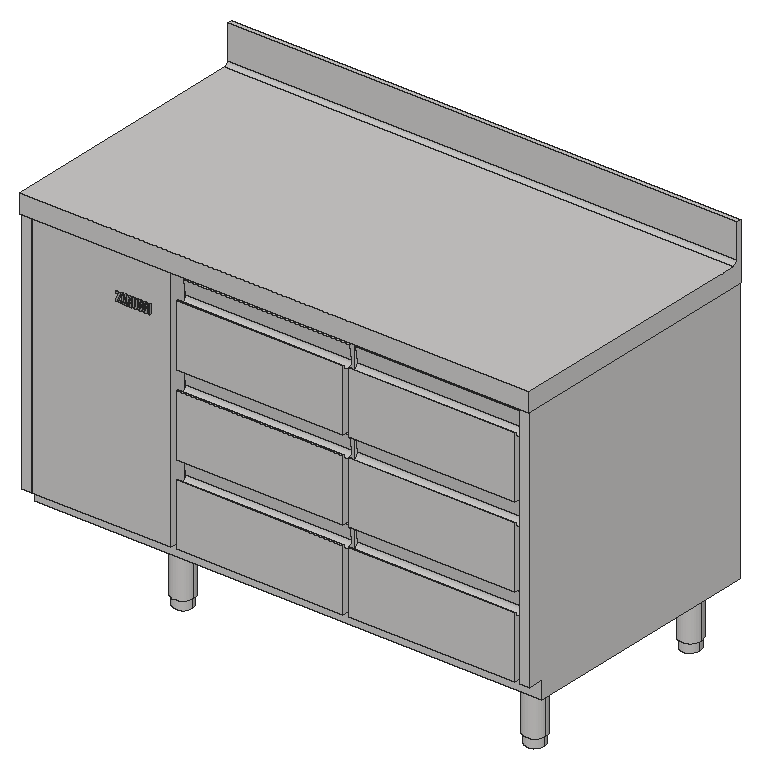
Revit family "QF_ZANUSSI_111034_ZH2H3CC", category Specialty Equipment, Revit 2018
Family settings
  Round Connector Dimension = Use Diameter
  Part Type = Normal
  Work Plane-Based = No
  Always vertical = Yes
  Cut with Voids When Loaded = No
  Shared = No
  Room Calculation Point = No
Parameters
  Weight = 0.00 kg
  Watts = 0.0232258 W
  Volts = 220 V
  URL Manufacturer = "http://www.zanussiprofessional.com/"
  URL = "http://www.zanussiprofessional.com/"
  Steam Supply Size = 0 mm
  Steam Supply Minimum Pressure = 0.0 Pa
  Steam Supply Maximum Pressure = 0.0 Pa
  Steam Pounds per Hour = 0
  Show Logo [instance] = yes
  Show Clearance [instance] = yes
  Refrigeration Suction Line Size = 0 mm
  Refrigeration Liquid Line Size = 0 mm
  Refrigerant Compressor Remote = yes
  Manufacturer = "Zanussi"
  Phase = 1
  Model = "ZH2H3CC"
  Length Actual = 1345 mm  # constant formula
  Item Number = "111034"
  Hot Water Size = 0 mm
  Height Actual = 1000 mm  # constant formula
  HP = "0.3 HP"
  Gas Size = 0 mm
  Gas KW = 0
  Gas Input Pressure = 0 W
  Description = "6 X1/3 DRAWERS REF.TABLE 290L-SPLASHB"
  Depth Actual = 700 mm  # constant formula
  Cycle = 50 Hz
  Condensate Return Size = 0 mm
  Compressed Air Volume = 0.0 L/s
  Compressed Air Size = 0 mm
  Compressed Air Pressure = 0.0 Pa
  Cold Water Size = 0 mm
  Accessory = yes
Reference planes
  plane 1 "Center X": y = 182.5
  plane 2: z = 0
  plane 3 "Center Y": x = -126.5
  plane 4: y = -62.5
  plane 5: y = 451.5
  plane 6 "BACK": y = 532.5
  plane 7 "FRONT": y = -167.5
  plane 8: x = -452
  plane 9: x = 478
  plane 10: z = 150
  plane 11 "TOP": z = 900
  plane 12: z = 850
  plane 13 "LEFT": x = -797
  plane 14 "RIGHT": x = 544
  plane 15: x = -799
  plane 16: x = 546
Forms (mm)
  Extrusion 1, solid, material "QF_Finishes_Stainless Steel"
    sketch origin (-126.5, 2, 0) x (0, 1, 0) y (0, 0, 1)
      loop
        line (530.5, 150) -> (530.5, 850) -> (-124.5, 850) -> (-124.5, 150) -> (530.5, 150)
    from -670.5 to 670.5
  Extrusion 2, solid, material "QF_Finishes_Stainless Steel"
    sketch origin (-1022.223, -1524, 150) x (-1, 0, 0) y (0, -1, 0)
      loop
        line (-225.223, -1361.5) -> (-250.223, -1361.5) -> (-250.223, -1401.5) -> (-225.223, -1401.5) -> (-225.223, -1361.5)
      loop
        line (-1566.223, -1401.5) -> (-1541.223, -1401.5) -> (-1541.223, -1361.5) -> (-1566.223, -1361.5) -> (-1566.223, -1401.5)
    from 47 to 700
  Extrusion 3, solid, material "QF_Finishes_Stainless Steel"
    sketch origin (0, 0, 900) x (-1, 0, 0) y (0, -1, 0)
      loop
        circle (-57, -94.5) r 8.45
    from -790.577 to -750
  Extrusion 4, solid, material "QF_Finishes_Stainless Steel"
    sketch origin (0, 0, 0) x (1, 0, 0) y (0, 1, 0)
      loop
        circle (-713, 451.5) r 4
    from 109.423 to 150
  Extrusion 5, solid, material "QF_Finishes_Stainless Steel"
    sketch origin (-126.5, 0, 0) x (0, 1, 0) y (0, 0, 1)
      loop
        line (-167.5, 900) -> (-167.5, 850) -> (532.5, 850) -> (532.5, 1000) -> (519.5, 1000) -> (519.5, 910)
        arc (519.5, 910) -> (516.571, 902.929) -> (509.5, 900) r 10
        line (509.5, 900) -> (-167.5, 900)
    from 672.5 to -672.5
Cuts and joins
  joined: Extrusion 1, Extrusion 2
Lines and regions (mm)
  symbolic lines, style "SpecialityEquipmentHiddenLines"
    curve 1: line (-799, -122.5, 900) -> (546, -122.5, 900)
    curve 2: line (-396, -167.5, 900) -> (-396, -122.5, 900)
  symbolic lines, style "SpecialityEquipment"
    curve 3: line (-799, 532.5, 900) -> (546, 532.5, 900)
    curve 4: line (-799, 532.5, 900) -> (-799, -167.5, 900)
    curve 5: line (-799, -167.5, 900) -> (546, -167.5, 900)
    curve 6: line (546, -167.5, 900) -> (546, 532.5, 900)
    curve 7: line (-799, 519.5, 900) -> (546, 519.5, 900)
Dimensions and locks
  locked: plane 6 "BACK" to plane 7 "FRONT" at 700
  equal spacing: plane 6 "BACK", plane 1 "Center X", plane 7 "FRONT"
  locked: plane 6 "BACK" to plane 5 at 81
  plane 10 to level = 150 mm
  plane 11 "TOP" to plane 12 to plane 10 = 50 mm locked, 700 mm locked
  locked: Extrusion 2 sketch curve to Extrusion 2 sketch curve at 25  (x2)
  locked: plane 4 to plane 7 "FRONT" at 105
  locked: plane 6 "BACK" to Extrusion 3 sketch curve at 438
  equal spacing: plane 13 "LEFT", plane 3 "Center Y", plane 14 "RIGHT"
  plane 15 to plane 16 = 1345 mm
  locked: plane 13 "LEFT" to plane 8 at 345
  locked: plane 9 to plane 14 "RIGHT" at 66
  locked: Extrusion 3 sketch curve to plane 14 "RIGHT" at 487
  plane 13 "LEFT" to Extrusion 4 sketch curve = 84 mm
  locked: plane 6 "BACK" to Extrusion 4 sketch curve at 81
  locked: plane 10 to Extrusion 4 at 40.577
  aligned and locked: level to plane 2
  aligned and locked: plane 10 to Extrusion 3
  aligned and locked: nested 4 to plane 4
  aligned and locked: nested 1 to plane 4
  aligned and locked: nested 3 to plane 5
  aligned and locked: nested 2 to plane 5
  aligned and locked: plane 8 to nested 1
  aligned and locked: plane 8 to nested 2
  aligned and locked: plane 9 to nested 4
  aligned and locked: plane 9 to nested 3
  aligned and locked: Extrusion 1 to Extrusion 2
  aligned and locked: Extrusion 2 to Extrusion 1
  aligned and locked: Extrusion 2 sketch curve to plane 14 "RIGHT"
  aligned and locked: plane 13 "LEFT" to Extrusion 2 sketch curve
  aligned and locked: cut or joined group of Extrusion 1, Extrusion 2 to plane 10
  aligned and locked: plane 12 to cut or joined group of Extrusion 1, Extrusion 2
  aligned and locked: plane 10 to Extrusion 4
  aligned and locked: Extrusion 5 sketch curve to plane 11 "TOP"
  aligned and locked: plane 7 "FRONT" to Extrusion 5 sketch curve
  aligned and locked: Extrusion 5 sketch curve to cut or joined group of Extrusion 1, Extrusion 2  (x2)
  aligned and locked: Extrusion 5 to curve 3
Automatic sketch dimensions
  plane 7 "FRONT" to Extrusion 2 sketch curve = 45 mm  (x2)
  plane 7 "FRONT" to Extrusion 2 sketch curve = 5 mm  (x2)
  Extrusion 1 sketch curve to plane 10 = 0 mm
  Extrusion 1 sketch curve to plane 12 = 0 mm
  Extrusion 1 sketch curve to plane 6 "BACK" = 0 mm
  plane 7 "FRONT" to Extrusion 1 sketch curve = 45 mm
  plane 11 "TOP" to Extrusion 5 sketch curve = 10 mm
  Extrusion 5 sketch curve to plane 6 "BACK" = 23 mm
  Extrusion 5 sketch curve to Extrusion 5 sketch curve = 90 mm
  curve 2 to plane 7 "FRONT" = 0 mm
  curve 5 to plane 15 = 0 mm
  curve 3 to plane 6 "BACK" = 0 mm
  plane 8 to curve 2 = 56 mm
  curve 7 to plane 6 "BACK" = 13 mm
  plane 7 "FRONT" to curve 1 = 45 mm
  radius of Extrusion 3 sketch curve = 8.45 mm
  radius of Extrusion 4 sketch curve = 4 mm
Nested families
  nested 1: "Foot_Ø50_H150" at (-452, -62.5, 0), type "Foot_Ø50_H150"
  nested 2: "Foot_Ø50_H150" at (-452, 451.5, 0), type "Foot_Ø50_H150"
  nested 3: "Foot_Ø50_H150" at (478, 451.5, 0), type "Foot_Ø50_H150"
  nested 4: "Foot_Ø50_H150" at (478, -62.5, 0), type "Foot_Ø50_H150"
  nested 5: "3x1-3 Drawers" at (285, -164.5, 0), Show Clearance <- "Show Clearance", type "3x1-3 Drawers"
  nested 6: "3x1-3 Drawers" at (-169, -164.5, 0) x (-1, 0, 0) z (0, 0, 1), Show Clearance <- "Show Clearance", type "3x1-3 Drawers"
  nested 7: "Refrigerator" at (544, -167.5, 900), type "Refrigerator"
  nested 8: "ZAN_Cooling Unit" at (-587.5, -164.5, 0), Show Logo <- "Show Logo", type "ZAN_Cooling Unit"
Connectors
  electrical at (-713, 451.5, 109.423), driven by "Volts"
    settings: on Extrusion 4, index 4, voltage 220 V, apparent load 0 VA, apparent load phase1 0 VA, apparent load phase2 0 VA, apparent load phase3 0 VA, power factor 1, load classification "Altro", number of poles 1, system type 30, power factor state 1, is connector primary yes, connector utility no, sub classification motor no, connector description "Electrical Connection"
  piping at (57, 94.5, 109.423), diameter 17
    settings: on Extrusion 3, index 5, connector inside diameter 609.6 mm, connector length 0 mm, flow factor 0, pipe flow 0.0 L/s, pressure drop 0.0 Pa, fitting loss kfactor 0, connector angle 0.00°, fixture units 0, engagement length 0 mm, angle of deflection 0.00°, flow configuration 1, flow direction 2, fitting loss method 0, system type 16, joint type 0, gender type 0, connector reference index -1, connector utility 0, adjustable connector no, is connector primary yes, connector description "Drain"
Definition of nested family "Foot_Ø50_H150"
  Reference planes
    plane 1 "Centro (Fronte/Retro)": y = 0
    plane 2: z = 0
    plane 3 "Centro (Sinistra/Destra)": x = 0
    plane 4: z = 150
  Forms (mm)
    Revolve 1, solid
      sketch origin (255.05, 0, 608.09) x (0, 0, 1) y (-1, 0, 0)
        loop
          line (-608.09, 255.05) -> (-608.09, 230.05) -> (-583.09, 230.05) -> (-583.09, 226.05) -> (-458.09, 226.05) -> (-458.09, 255.05) -> (-608.09, 255.05)
        axis (-608.09, 255.05) -> (-458.09, 255.05)
      angle from 0 to 360
  Dimensions and locks
    locked: Revolve 1 sketch curve to Revolve 1 sketch curve at 125
    aligned and locked: level to plane 2
    aligned and locked: plane 4 to Revolve 1 sketch curve
    aligned and locked: Revolve 1 sketch curve to level
    aligned and locked: plane 3 "Centro (Sinistra/Destra)" to Revolve 1 sketch curve
Definition of nested family "3x1-3 Drawers"
  Parameters
    Show Clearance [instance] = yes
  Reference planes
    plane 1 "FRONT": y = -3
    plane 2: z = 0
    plane 3 "Centro (Sinistra/Destra)": x = 0
    plane 4: z = 150
    plane 5: z = 850
    plane 6: x = -234
    plane 7: x = 234
    plane 8: x = -220
    plane 9: x = 220
  Forms (mm)
    Extrusion 1, solid
      sketch origin (0, 55, 511) x (0, 0, 1) y (0, -1, 0)
        loop
          line (314, 18) -> (314, 29) -> (274.395, 22.5)
          arc (274.395, 22.5) -> (260.395, 36.5) -> (274.395, 50.5) r 14
          line (274.395, 50.5) -> (274.395, 53) -> (111.333, 53) -> (111.333, 18) -> (314, 18)
        loop
          line (101.333, 29) -> (61.728, 22.5)
          arc (61.728, 22.5) -> (47.728, 36.5) -> (61.728, 50.5) r 14
          line (61.728, 50.5) -> (61.728, 53) -> (-101.333, 53) -> (-101.333, 18) -> (101.333, 18) -> (101.333, 29)
        loop
          line (-314, 18) -> (-111.333, 18) -> (-111.333, 29) -> (-150.939, 22.5)
          arc (-150.939, 22.5) -> (-164.939, 36.5) -> (-150.939, 50.5) r 14
          line (-150.939, 50.5) -> (-150.939, 53) -> (-314, 53) -> (-314, 18)
      from -220 to 220
    Extrusion 2, solid, visible <- "Show Clearance", detail levels coarse
      sketch origin (0, -462, 511) x (0, 0, 1) y (0, -1, 0)
        loop
          line (-314, 109) -> (-314, -464) -> (-111.333, -464) -> (-111.333, 109) -> (-314, 109)
        loop
          line (314, -464) -> (314, 109) -> (111.333, 109) -> (111.333, -464) -> (314, -464)
        loop
          line (101.333, 109) -> (-101.333, 109) -> (-101.333, -464) -> (101.333, -464) -> (101.333, 109)
      from -220 to 220
  Lines and regions (mm)
    symbolic lines
      curve 1: line (-190, -3, 0) -> (-190, -48, 0)
      curve 2: line (220, -48, 0) -> (-220, -48, 0)
      curve 3: line (-220, -48, 0) -> (-220, -83, 0)
      curve 4: line (-220, -83, 0) -> (220, -83, 0)
      curve 5: line (220, -83, 0) -> (220, -48, 0)
      curve 6: line (190, -48, 0) -> (190, -3, 0)
      curve 7: line (-190, -83, 0) -> (-190, -128, 0)
      curve 8: line (220, -128, 0) -> (-220, -128, 0)
      curve 9: line (-220, -128, 0) -> (-220, -163, 0)
      curve 10: line (-220, -163, 0) -> (220, -163, 0)
      curve 11: line (220, -163, 0) -> (220, -128, 0)
      curve 12: line (190, -128, 0) -> (190, -83, 0)
      curve 13: line (-190, -163, 0) -> (-190, -208, 0)
      curve 14: line (220, -208, 0) -> (-220, -208, 0)
      curve 15: line (-220, -208, 0) -> (-220, -243, 0)
      curve 16: line (-220, -243, 0) -> (220, -243, 0)
      curve 17: line (220, -243, 0) -> (220, -208, 0)
      curve 18: line (190, -208, 0) -> (190, -163, 0)
  Dimensions and locks
    aligned and locked: level to plane 2
Definition of nested family "ZAN_Cooling Unit"
  Parameters
    Show Logo [instance] = yes
  Reference planes
    plane 1 "FRONT": y = -3
    plane 2: z = 0
    plane 3 "Centro (Sinistra/Destra)": x = 0
    plane 4: z = 150
    plane 5: z = 850
    plane 6: x = -184.5
    plane 7: x = 184.5
  Forms (mm)
    Extrusion 1, solid
      sketch origin (0, 55, 511) x (0, 0, 1) y (0, -1, 0)
        loop
          line (-314, 53) -> (-314, 13) -> (339, 13) -> (339, 53) -> (-314, 53)
      from -184.5 to 184.5
  Lines and regions (mm)
    Split face 1
      outline origin (0, 2, 197) x (0, 0, 1) y (-1, 0, 0)
        loop
          line (566.835, 184.5) -> (566.835, -184.5)
        loop
          line (521.835, 184.5) -> (521.835, -184.5)
    Split face 2
      outline origin (0, 2, 197) x (0, 0, 1) y (-1, 0, 0)
        loop
          arc (510.649, 158.547) -> (506.648, 162.548) -> (502.647, 158.547) r 4.001
          line (502.647, 158.547) -> (502.647, 116.535)
          arc (502.647, 116.535) -> (506.648, 112.533) -> (510.649, 116.535) r 4.001
          line (510.649, 116.535) -> (510.649, 158.547)
    Split face 3
      outline origin (0, 2, 184.996) x (0, 0, 1) y (-1, 0, 0)
        loop
          arc (510.649, 158.547) -> (506.648, 162.548) -> (502.647, 158.547) r 4.001
          line (502.647, 158.547) -> (502.647, 116.535)
          arc (502.647, 116.535) -> (506.648, 112.533) -> (510.649, 116.535) r 4.001
          line (510.649, 116.535) -> (510.649, 158.547)
    Split face 4
      outline origin (0, 2, 172.993) x (0, 0, 1) y (-1, 0, 0)
        loop
          arc (510.649, 158.547) -> (506.648, 162.548) -> (502.647, 158.547) r 4.001
          line (502.647, 158.547) -> (502.647, 116.535)
          arc (502.647, 116.535) -> (506.648, 112.533) -> (510.649, 116.535) r 4.001
          line (510.649, 116.535) -> (510.649, 158.547)
    Split face 5
      outline origin (0, 2, 160.989) x (0, 0, 1) y (-1, 0, 0)
        loop
          arc (510.649, 158.547) -> (506.648, 162.548) -> (502.647, 158.547) r 4.001
          line (502.647, 158.547) -> (502.647, 116.535)
          arc (502.647, 116.535) -> (506.648, 112.533) -> (510.649, 116.535) r 4.001
          line (510.649, 116.535) -> (510.649, 158.547)
    Split face 6
      outline origin (0, 2, 148.986) x (0, 0, 1) y (-1, 0, 0)
        loop
          arc (510.649, 158.547) -> (506.648, 162.548) -> (502.647, 158.547) r 4.001
          line (502.647, 158.547) -> (502.647, 116.535)
          arc (502.647, 116.535) -> (506.648, 112.533) -> (510.649, 116.535) r 4.001
          line (510.649, 116.535) -> (510.649, 158.547)
    Split face 7
      outline origin (0, 2, 136.982) x (0, 0, 1) y (-1, 0, 0)
        loop
          arc (510.649, 158.547) -> (506.648, 162.548) -> (502.647, 158.547) r 4.001
          line (502.647, 158.547) -> (502.647, 116.535)
          arc (502.647, 116.535) -> (506.648, 112.533) -> (510.649, 116.535) r 4.001
          line (510.649, 116.535) -> (510.649, 158.547)
    Split face 8
      outline origin (0, 2, 124.979) x (0, 0, 1) y (-1, 0, 0)
        loop
          arc (510.649, 158.547) -> (506.648, 162.548) -> (502.647, 158.547) r 4.001
          line (502.647, 158.547) -> (502.647, 116.535)
          arc (502.647, 116.535) -> (506.648, 112.533) -> (510.649, 116.535) r 4.001
          line (510.649, 116.535) -> (510.649, 158.547)
    Split face 9
      outline origin (0, 2, 112.975) x (0, 0, 1) y (-1, 0, 0)
        loop
          arc (510.649, 158.547) -> (506.648, 162.548) -> (502.647, 158.547) r 4.001
          line (502.647, 158.547) -> (502.647, 116.535)
          arc (502.647, 116.535) -> (506.648, 112.533) -> (510.649, 116.535) r 4.001
          line (510.649, 116.535) -> (510.649, 158.547)
    Split face 10
      outline origin (0, 2, 100.972) x (0, 0, 1) y (-1, 0, 0)
        loop
          arc (510.649, 158.547) -> (506.648, 162.548) -> (502.647, 158.547) r 4.001
          line (502.647, 158.547) -> (502.647, 116.535)
          arc (502.647, 116.535) -> (506.648, 112.533) -> (510.649, 116.535) r 4.001
          line (510.649, 116.535) -> (510.649, 158.547)
    Split face 11
      outline origin (0, 2, 88.968) x (0, 0, 1) y (-1, 0, 0)
        loop
          arc (510.649, 158.547) -> (506.648, 162.548) -> (502.647, 158.547) r 4.001
          line (502.647, 158.547) -> (502.647, 116.535)
          arc (502.647, 116.535) -> (506.648, 112.533) -> (510.649, 116.535) r 4.001
          line (510.649, 116.535) -> (510.649, 158.547)
    Split face 12
      outline origin (0, 2, 76.965) x (0, 0, 1) y (-1, 0, 0)
        loop
          arc (510.649, 158.547) -> (506.648, 162.548) -> (502.647, 158.547) r 4.001
          line (502.647, 158.547) -> (502.647, 116.535)
          arc (502.647, 116.535) -> (506.648, 112.533) -> (510.649, 116.535) r 4.001
          line (510.649, 116.535) -> (510.649, 158.547)
    Split face 13
      outline origin (0, 2, 64.961) x (0, 0, 1) y (-1, 0, 0)
        loop
          arc (510.649, 158.547) -> (506.648, 162.548) -> (502.647, 158.547) r 4.001
          line (502.647, 158.547) -> (502.647, 116.535)
          arc (502.647, 116.535) -> (506.648, 112.533) -> (510.649, 116.535) r 4.001
          line (510.649, 116.535) -> (510.649, 158.547)
    Split face 14
      outline origin (0, 2, 52.958) x (0, 0, 1) y (-1, 0, 0)
        loop
          arc (510.649, 158.547) -> (506.648, 162.548) -> (502.647, 158.547) r 4.001
          line (502.647, 158.547) -> (502.647, 116.535)
          arc (502.647, 116.535) -> (506.648, 112.533) -> (510.649, 116.535) r 4.001
          line (510.649, 116.535) -> (510.649, 158.547)
    Split face 15
      outline origin (0, 2, 40.954) x (0, 0, 1) y (-1, 0, 0)
        loop
          arc (510.649, 158.547) -> (506.648, 162.548) -> (502.647, 158.547) r 4.001
          line (502.647, 158.547) -> (502.647, 116.535)
          arc (502.647, 116.535) -> (506.648, 112.533) -> (510.649, 116.535) r 4.001
          line (510.649, 116.535) -> (510.649, 158.547)
    Split face 16
      outline origin (0, 2, 28.951) x (0, 0, 1) y (-1, 0, 0)
        loop
          arc (510.649, 158.547) -> (506.648, 162.548) -> (502.647, 158.547) r 4.001
          line (502.647, 158.547) -> (502.647, 116.535)
          arc (502.647, 116.535) -> (506.648, 112.533) -> (510.649, 116.535) r 4.001
          line (510.649, 116.535) -> (510.649, 158.547)
    Split face 17
      outline origin (0, 2, 16.947) x (0, 0, 1) y (-1, 0, 0)
        loop
          arc (510.649, 158.547) -> (506.648, 162.548) -> (502.647, 158.547) r 4.001
          line (502.647, 158.547) -> (502.647, 116.535)
          arc (502.647, 116.535) -> (506.648, 112.533) -> (510.649, 116.535) r 4.001
          line (510.649, 116.535) -> (510.649, 158.547)
    Split face 18
      outline origin (55.016, 2, 197) x (0, 0, 1) y (-1, 0, 0)
        loop
          arc (510.649, 158.547) -> (506.648, 162.548) -> (502.647, 158.547) r 4.001
          line (502.647, 158.547) -> (502.647, 116.535)
          arc (502.647, 116.535) -> (506.648, 112.533) -> (510.649, 116.535) r 4.001
          line (510.649, 116.535) -> (510.649, 158.547)
    Split face 19
      outline origin (55.016, 2, 184.996) x (0, 0, 1) y (-1, 0, 0)
        loop
          arc (510.649, 158.547) -> (506.648, 162.548) -> (502.647, 158.547) r 4.001
          line (502.647, 158.547) -> (502.647, 116.535)
          arc (502.647, 116.535) -> (506.648, 112.533) -> (510.649, 116.535) r 4.001
          line (510.649, 116.535) -> (510.649, 158.547)
    Split face 20
      outline origin (55.016, 2, 172.993) x (0, 0, 1) y (-1, 0, 0)
        loop
          arc (510.649, 158.547) -> (506.648, 162.548) -> (502.647, 158.547) r 4.001
          line (502.647, 158.547) -> (502.647, 116.535)
          arc (502.647, 116.535) -> (506.648, 112.533) -> (510.649, 116.535) r 4.001
          line (510.649, 116.535) -> (510.649, 158.547)
    Split face 21
      outline origin (55.016, 2, 160.989) x (0, 0, 1) y (-1, 0, 0)
        loop
          arc (510.649, 158.547) -> (506.648, 162.548) -> (502.647, 158.547) r 4.001
          line (502.647, 158.547) -> (502.647, 116.535)
          arc (502.647, 116.535) -> (506.648, 112.533) -> (510.649, 116.535) r 4.001
          line (510.649, 116.535) -> (510.649, 158.547)
    Split face 22
      outline origin (55.016, 2, 148.986) x (0, 0, 1) y (-1, 0, 0)
        loop
          arc (510.649, 158.547) -> (506.648, 162.548) -> (502.647, 158.547) r 4.001
          line (502.647, 158.547) -> (502.647, 116.535)
          arc (502.647, 116.535) -> (506.648, 112.533) -> (510.649, 116.535) r 4.001
          line (510.649, 116.535) -> (510.649, 158.547)
    Split face 23
      outline origin (55.016, 2, 136.982) x (0, 0, 1) y (-1, 0, 0)
        loop
          arc (510.649, 158.547) -> (506.648, 162.548) -> (502.647, 158.547) r 4.001
          line (502.647, 158.547) -> (502.647, 116.535)
          arc (502.647, 116.535) -> (506.648, 112.533) -> (510.649, 116.535) r 4.001
          line (510.649, 116.535) -> (510.649, 158.547)
    Split face 24
      outline origin (55.016, 2, 124.979) x (0, 0, 1) y (-1, 0, 0)
        loop
          arc (510.649, 158.547) -> (506.648, 162.548) -> (502.647, 158.547) r 4.001
          line (502.647, 158.547) -> (502.647, 116.535)
          arc (502.647, 116.535) -> (506.648, 112.533) -> (510.649, 116.535) r 4.001
          line (510.649, 116.535) -> (510.649, 158.547)
    Split face 25
      outline origin (55.016, 2, 112.975) x (0, 0, 1) y (-1, 0, 0)
        loop
          arc (510.649, 158.547) -> (506.648, 162.548) -> (502.647, 158.547) r 4.001
          line (502.647, 158.547) -> (502.647, 116.535)
          arc (502.647, 116.535) -> (506.648, 112.533) -> (510.649, 116.535) r 4.001
          line (510.649, 116.535) -> (510.649, 158.547)
    Split face 26
      outline origin (55.016, 2, 100.972) x (0, 0, 1) y (-1, 0, 0)
        loop
          arc (510.649, 158.547) -> (506.648, 162.548) -> (502.647, 158.547) r 4.001
          line (502.647, 158.547) -> (502.647, 116.535)
          arc (502.647, 116.535) -> (506.648, 112.533) -> (510.649, 116.535) r 4.001
          line (510.649, 116.535) -> (510.649, 158.547)
    Split face 27
      outline origin (55.016, 2, 88.968) x (0, 0, 1) y (-1, 0, 0)
        loop
          arc (510.649, 158.547) -> (506.648, 162.548) -> (502.647, 158.547) r 4.001
          line (502.647, 158.547) -> (502.647, 116.535)
          arc (502.647, 116.535) -> (506.648, 112.533) -> (510.649, 116.535) r 4.001
          line (510.649, 116.535) -> (510.649, 158.547)
    Split face 28
      outline origin (55.016, 2, 76.965) x (0, 0, 1) y (-1, 0, 0)
        loop
          arc (510.649, 158.547) -> (506.648, 162.548) -> (502.647, 158.547) r 4.001
          line (502.647, 158.547) -> (502.647, 116.535)
          arc (502.647, 116.535) -> (506.648, 112.533) -> (510.649, 116.535) r 4.001
          line (510.649, 116.535) -> (510.649, 158.547)
    Split face 29
      outline origin (55.016, 2, 64.961) x (0, 0, 1) y (-1, 0, 0)
        loop
          arc (510.649, 158.547) -> (506.648, 162.548) -> (502.647, 158.547) r 4.001
          line (502.647, 158.547) -> (502.647, 116.535)
          arc (502.647, 116.535) -> (506.648, 112.533) -> (510.649, 116.535) r 4.001
          line (510.649, 116.535) -> (510.649, 158.547)
    Split face 30
      outline origin (55.016, 2, 52.958) x (0, 0, 1) y (-1, 0, 0)
        loop
          arc (510.649, 158.547) -> (506.648, 162.548) -> (502.647, 158.547) r 4.001
          line (502.647, 158.547) -> (502.647, 116.535)
          arc (502.647, 116.535) -> (506.648, 112.533) -> (510.649, 116.535) r 4.001
          line (510.649, 116.535) -> (510.649, 158.547)
    Split face 31
      outline origin (55.016, 2, 40.954) x (0, 0, 1) y (-1, 0, 0)
        loop
          arc (510.649, 158.547) -> (506.648, 162.548) -> (502.647, 158.547) r 4.001
          line (502.647, 158.547) -> (502.647, 116.535)
          arc (502.647, 116.535) -> (506.648, 112.533) -> (510.649, 116.535) r 4.001
          line (510.649, 116.535) -> (510.649, 158.547)
    Split face 32
      outline origin (55.016, 2, 28.951) x (0, 0, 1) y (-1, 0, 0)
        loop
          arc (510.649, 158.547) -> (506.648, 162.548) -> (502.647, 158.547) r 4.001
          line (502.647, 158.547) -> (502.647, 116.535)
          arc (502.647, 116.535) -> (506.648, 112.533) -> (510.649, 116.535) r 4.001
          line (510.649, 116.535) -> (510.649, 158.547)
    Split face 33
      outline origin (55.016, 2, 16.947) x (0, 0, 1) y (-1, 0, 0)
        loop
          arc (510.649, 158.547) -> (506.648, 162.548) -> (502.647, 158.547) r 4.001
          line (502.647, 158.547) -> (502.647, 116.535)
          arc (502.647, 116.535) -> (506.648, 112.533) -> (510.649, 116.535) r 4.001
          line (510.649, 116.535) -> (510.649, 158.547)
    Split face 34
      outline origin (110.032, 2, 197) x (0, 0, 1) y (-1, 0, 0)
        loop
          arc (510.649, 158.547) -> (506.648, 162.548) -> (502.647, 158.547) r 4.001
          line (502.647, 158.547) -> (502.647, 116.535)
          arc (502.647, 116.535) -> (506.648, 112.533) -> (510.649, 116.535) r 4.001
          line (510.649, 116.535) -> (510.649, 158.547)
    Split face 35
      outline origin (110.032, 2, 184.996) x (0, 0, 1) y (-1, 0, 0)
        loop
          arc (510.649, 158.547) -> (506.648, 162.548) -> (502.647, 158.547) r 4.001
          line (502.647, 158.547) -> (502.647, 116.535)
          arc (502.647, 116.535) -> (506.648, 112.533) -> (510.649, 116.535) r 4.001
          line (510.649, 116.535) -> (510.649, 158.547)
    Split face 36
      outline origin (110.032, 2, 172.993) x (0, 0, 1) y (-1, 0, 0)
        loop
          arc (510.649, 158.547) -> (506.648, 162.548) -> (502.647, 158.547) r 4.001
          line (502.647, 158.547) -> (502.647, 116.535)
          arc (502.647, 116.535) -> (506.648, 112.533) -> (510.649, 116.535) r 4.001
          line (510.649, 116.535) -> (510.649, 158.547)
    Split face 37
      outline origin (110.032, 2, 160.989) x (0, 0, 1) y (-1, 0, 0)
        loop
          arc (510.649, 158.547) -> (506.648, 162.548) -> (502.647, 158.547) r 4.001
          line (502.647, 158.547) -> (502.647, 116.535)
          arc (502.647, 116.535) -> (506.648, 112.533) -> (510.649, 116.535) r 4.001
          line (510.649, 116.535) -> (510.649, 158.547)
    Split face 38
      outline origin (110.032, 2, 148.986) x (0, 0, 1) y (-1, 0, 0)
        loop
          arc (510.649, 158.547) -> (506.648, 162.548) -> (502.647, 158.547) r 4.001
          line (502.647, 158.547) -> (502.647, 116.535)
          arc (502.647, 116.535) -> (506.648, 112.533) -> (510.649, 116.535) r 4.001
          line (510.649, 116.535) -> (510.649, 158.547)
    Split face 39
      outline origin (110.032, 2, 136.982) x (0, 0, 1) y (-1, 0, 0)
        loop
          arc (510.649, 158.547) -> (506.648, 162.548) -> (502.647, 158.547) r 4.001
          line (502.647, 158.547) -> (502.647, 116.535)
          arc (502.647, 116.535) -> (506.648, 112.533) -> (510.649, 116.535) r 4.001
          line (510.649, 116.535) -> (510.649, 158.547)
    Split face 40
      outline origin (110.032, 2, 124.979) x (0, 0, 1) y (-1, 0, 0)
        loop
          arc (510.649, 158.547) -> (506.648, 162.548) -> (502.647, 158.547) r 4.001
          line (502.647, 158.547) -> (502.647, 116.535)
          arc (502.647, 116.535) -> (506.648, 112.533) -> (510.649, 116.535) r 4.001
          line (510.649, 116.535) -> (510.649, 158.547)
    Split face 41
      outline origin (110.032, 2, 112.975) x (0, 0, 1) y (-1, 0, 0)
        loop
          arc (510.649, 158.547) -> (506.648, 162.548) -> (502.647, 158.547) r 4.001
          line (502.647, 158.547) -> (502.647, 116.535)
          arc (502.647, 116.535) -> (506.648, 112.533) -> (510.649, 116.535) r 4.001
          line (510.649, 116.535) -> (510.649, 158.547)
    Split face 42
      outline origin (110.032, 2, 100.972) x (0, 0, 1) y (-1, 0, 0)
        loop
          arc (510.649, 158.547) -> (506.648, 162.548) -> (502.647, 158.547) r 4.001
          line (502.647, 158.547) -> (502.647, 116.535)
          arc (502.647, 116.535) -> (506.648, 112.533) -> (510.649, 116.535) r 4.001
          line (510.649, 116.535) -> (510.649, 158.547)
    Split face 43
      outline origin (110.032, 2, 88.968) x (0, 0, 1) y (-1, 0, 0)
        loop
          arc (510.649, 158.547) -> (506.648, 162.548) -> (502.647, 158.547) r 4.001
          line (502.647, 158.547) -> (502.647, 116.535)
          arc (502.647, 116.535) -> (506.648, 112.533) -> (510.649, 116.535) r 4.001
          line (510.649, 116.535) -> (510.649, 158.547)
    Split face 44
      outline origin (110.032, 2, 76.965) x (0, 0, 1) y (-1, 0, 0)
        loop
          arc (510.649, 158.547) -> (506.648, 162.548) -> (502.647, 158.547) r 4.001
          line (502.647, 158.547) -> (502.647, 116.535)
          arc (502.647, 116.535) -> (506.648, 112.533) -> (510.649, 116.535) r 4.001
          line (510.649, 116.535) -> (510.649, 158.547)
    Split face 45
      outline origin (110.032, 2, 64.961) x (0, 0, 1) y (-1, 0, 0)
        loop
          arc (510.649, 158.547) -> (506.648, 162.548) -> (502.647, 158.547) r 4.001
          line (502.647, 158.547) -> (502.647, 116.535)
          arc (502.647, 116.535) -> (506.648, 112.533) -> (510.649, 116.535) r 4.001
          line (510.649, 116.535) -> (510.649, 158.547)
    Split face 46
      outline origin (110.032, 2, 52.958) x (0, 0, 1) y (-1, 0, 0)
        loop
          arc (510.649, 158.547) -> (506.648, 162.548) -> (502.647, 158.547) r 4.001
          line (502.647, 158.547) -> (502.647, 116.535)
          arc (502.647, 116.535) -> (506.648, 112.533) -> (510.649, 116.535) r 4.001
          line (510.649, 116.535) -> (510.649, 158.547)
    Split face 47
      outline origin (110.032, 2, 40.954) x (0, 0, 1) y (-1, 0, 0)
        loop
          arc (510.649, 158.547) -> (506.648, 162.548) -> (502.647, 158.547) r 4.001
          line (502.647, 158.547) -> (502.647, 116.535)
          arc (502.647, 116.535) -> (506.648, 112.533) -> (510.649, 116.535) r 4.001
          line (510.649, 116.535) -> (510.649, 158.547)
    Split face 48
      outline origin (110.032, 2, 28.951) x (0, 0, 1) y (-1, 0, 0)
        loop
          arc (510.649, 158.547) -> (506.648, 162.548) -> (502.647, 158.547) r 4.001
          line (502.647, 158.547) -> (502.647, 116.535)
          arc (502.647, 116.535) -> (506.648, 112.533) -> (510.649, 116.535) r 4.001
          line (510.649, 116.535) -> (510.649, 158.547)
    Split face 49
      outline origin (110.032, 2, 16.947) x (0, 0, 1) y (-1, 0, 0)
        loop
          arc (510.649, 158.547) -> (506.648, 162.548) -> (502.647, 158.547) r 4.001
          line (502.647, 158.547) -> (502.647, 116.535)
          arc (502.647, 116.535) -> (506.648, 112.533) -> (510.649, 116.535) r 4.001
          line (510.649, 116.535) -> (510.649, 158.547)
    Split face 50
      outline origin (165.048, 2, 197) x (0, 0, 1) y (-1, 0, 0)
        loop
          arc (510.649, 158.547) -> (506.648, 162.548) -> (502.647, 158.547) r 4.001
          line (502.647, 158.547) -> (502.647, 116.535)
          arc (502.647, 116.535) -> (506.648, 112.533) -> (510.649, 116.535) r 4.001
          line (510.649, 116.535) -> (510.649, 158.547)
    Split face 51
      outline origin (165.048, 2, 184.996) x (0, 0, 1) y (-1, 0, 0)
        loop
          arc (510.649, 158.547) -> (506.648, 162.548) -> (502.647, 158.547) r 4.001
          line (502.647, 158.547) -> (502.647, 116.535)
          arc (502.647, 116.535) -> (506.648, 112.533) -> (510.649, 116.535) r 4.001
          line (510.649, 116.535) -> (510.649, 158.547)
    Split face 52
      outline origin (165.048, 2, 172.993) x (0, 0, 1) y (-1, 0, 0)
        loop
          arc (510.649, 158.547) -> (506.648, 162.548) -> (502.647, 158.547) r 4.001
          line (502.647, 158.547) -> (502.647, 116.535)
          arc (502.647, 116.535) -> (506.648, 112.533) -> (510.649, 116.535) r 4.001
          line (510.649, 116.535) -> (510.649, 158.547)
    Split face 53
      outline origin (165.048, 2, 160.989) x (0, 0, 1) y (-1, 0, 0)
        loop
          arc (510.649, 158.547) -> (506.648, 162.548) -> (502.647, 158.547) r 4.001
          line (502.647, 158.547) -> (502.647, 116.535)
          arc (502.647, 116.535) -> (506.648, 112.533) -> (510.649, 116.535) r 4.001
          line (510.649, 116.535) -> (510.649, 158.547)
    Split face 54
      outline origin (165.048, 2, 148.986) x (0, 0, 1) y (-1, 0, 0)
        loop
          arc (510.649, 158.547) -> (506.648, 162.548) -> (502.647, 158.547) r 4.001
          line (502.647, 158.547) -> (502.647, 116.535)
          arc (502.647, 116.535) -> (506.648, 112.533) -> (510.649, 116.535) r 4.001
          line (510.649, 116.535) -> (510.649, 158.547)
    Split face 55
      outline origin (165.048, 2, 136.982) x (0, 0, 1) y (-1, 0, 0)
        loop
          arc (510.649, 158.547) -> (506.648, 162.548) -> (502.647, 158.547) r 4.001
          line (502.647, 158.547) -> (502.647, 116.535)
          arc (502.647, 116.535) -> (506.648, 112.533) -> (510.649, 116.535) r 4.001
          line (510.649, 116.535) -> (510.649, 158.547)
    Split face 56
      outline origin (165.048, 2, 124.979) x (0, 0, 1) y (-1, 0, 0)
        loop
          arc (510.649, 158.547) -> (506.648, 162.548) -> (502.647, 158.547) r 4.001
          line (502.647, 158.547) -> (502.647, 116.535)
          arc (502.647, 116.535) -> (506.648, 112.533) -> (510.649, 116.535) r 4.001
          line (510.649, 116.535) -> (510.649, 158.547)
    Split face 57
      outline origin (165.048, 2, 112.975) x (0, 0, 1) y (-1, 0, 0)
        loop
          arc (510.649, 158.547) -> (506.648, 162.548) -> (502.647, 158.547) r 4.001
          line (502.647, 158.547) -> (502.647, 116.535)
          arc (502.647, 116.535) -> (506.648, 112.533) -> (510.649, 116.535) r 4.001
          line (510.649, 116.535) -> (510.649, 158.547)
    Split face 58
      outline origin (165.048, 2, 100.972) x (0, 0, 1) y (-1, 0, 0)
        loop
          arc (510.649, 158.547) -> (506.648, 162.548) -> (502.647, 158.547) r 4.001
          line (502.647, 158.547) -> (502.647, 116.535)
          arc (502.647, 116.535) -> (506.648, 112.533) -> (510.649, 116.535) r 4.001
          line (510.649, 116.535) -> (510.649, 158.547)
    Split face 59
      outline origin (165.048, 2, 88.968) x (0, 0, 1) y (-1, 0, 0)
        loop
          arc (510.649, 158.547) -> (506.648, 162.548) -> (502.647, 158.547) r 4.001
          line (502.647, 158.547) -> (502.647, 116.535)
          arc (502.647, 116.535) -> (506.648, 112.533) -> (510.649, 116.535) r 4.001
          line (510.649, 116.535) -> (510.649, 158.547)
    Split face 60
      outline origin (165.048, 2, 76.965) x (0, 0, 1) y (-1, 0, 0)
        loop
          arc (510.649, 158.547) -> (506.648, 162.548) -> (502.647, 158.547) r 4.001
          line (502.647, 158.547) -> (502.647, 116.535)
          arc (502.647, 116.535) -> (506.648, 112.533) -> (510.649, 116.535) r 4.001
          line (510.649, 116.535) -> (510.649, 158.547)
    Split face 61
      outline origin (165.048, 2, 64.961) x (0, 0, 1) y (-1, 0, 0)
        loop
          arc (510.649, 158.547) -> (506.648, 162.548) -> (502.647, 158.547) r 4.001
          line (502.647, 158.547) -> (502.647, 116.535)
          arc (502.647, 116.535) -> (506.648, 112.533) -> (510.649, 116.535) r 4.001
          line (510.649, 116.535) -> (510.649, 158.547)
    Split face 62
      outline origin (165.048, 2, 52.958) x (0, 0, 1) y (-1, 0, 0)
        loop
          arc (510.649, 158.547) -> (506.648, 162.548) -> (502.647, 158.547) r 4.001
          line (502.647, 158.547) -> (502.647, 116.535)
          arc (502.647, 116.535) -> (506.648, 112.533) -> (510.649, 116.535) r 4.001
          line (510.649, 116.535) -> (510.649, 158.547)
    Split face 63
      outline origin (165.048, 2, 40.954) x (0, 0, 1) y (-1, 0, 0)
        loop
          arc (510.649, 158.547) -> (506.648, 162.548) -> (502.647, 158.547) r 4.001
          line (502.647, 158.547) -> (502.647, 116.535)
          arc (502.647, 116.535) -> (506.648, 112.533) -> (510.649, 116.535) r 4.001
          line (510.649, 116.535) -> (510.649, 158.547)
    Split face 64
      outline origin (165.048, 2, 28.951) x (0, 0, 1) y (-1, 0, 0)
        loop
          arc (510.649, 158.547) -> (506.648, 162.548) -> (502.647, 158.547) r 4.001
          line (502.647, 158.547) -> (502.647, 116.535)
          arc (502.647, 116.535) -> (506.648, 112.533) -> (510.649, 116.535) r 4.001
          line (510.649, 116.535) -> (510.649, 158.547)
    Split face 65
      outline origin (165.048, 2, 16.947) x (0, 0, 1) y (-1, 0, 0)
        loop
          arc (510.649, 158.547) -> (506.648, 162.548) -> (502.647, 158.547) r 4.001
          line (502.647, 158.547) -> (502.647, 116.535)
          arc (502.647, 116.535) -> (506.648, 112.533) -> (510.649, 116.535) r 4.001
          line (510.649, 116.535) -> (510.649, 158.547)
    Split face 66
      outline origin (220.064, 2, 197) x (0, 0, 1) y (-1, 0, 0)
        loop
          arc (510.649, 158.547) -> (506.648, 162.548) -> (502.647, 158.547) r 4.001
          line (502.647, 158.547) -> (502.647, 116.535)
          arc (502.647, 116.535) -> (506.648, 112.533) -> (510.649, 116.535) r 4.001
          line (510.649, 116.535) -> (510.649, 158.547)
    Split face 67
      outline origin (220.064, 2, 184.996) x (0, 0, 1) y (-1, 0, 0)
        loop
          arc (510.649, 158.547) -> (506.648, 162.548) -> (502.647, 158.547) r 4.001
          line (502.647, 158.547) -> (502.647, 116.535)
          arc (502.647, 116.535) -> (506.648, 112.533) -> (510.649, 116.535) r 4.001
          line (510.649, 116.535) -> (510.649, 158.547)
    Split face 68
      outline origin (220.064, 2, 172.993) x (0, 0, 1) y (-1, 0, 0)
        loop
          arc (510.649, 158.547) -> (506.648, 162.548) -> (502.647, 158.547) r 4.001
          line (502.647, 158.547) -> (502.647, 116.535)
          arc (502.647, 116.535) -> (506.648, 112.533) -> (510.649, 116.535) r 4.001
          line (510.649, 116.535) -> (510.649, 158.547)
    Split face 69
      outline origin (220.064, 2, 160.989) x (0, 0, 1) y (-1, 0, 0)
        loop
          arc (510.649, 158.547) -> (506.648, 162.548) -> (502.647, 158.547) r 4.001
          line (502.647, 158.547) -> (502.647, 116.535)
          arc (502.647, 116.535) -> (506.648, 112.533) -> (510.649, 116.535) r 4.001
          line (510.649, 116.535) -> (510.649, 158.547)
    Split face 70
      outline origin (220.064, 2, 148.986) x (0, 0, 1) y (-1, 0, 0)
        loop
          arc (510.649, 158.547) -> (506.648, 162.548) -> (502.647, 158.547) r 4.001
          line (502.647, 158.547) -> (502.647, 116.535)
          arc (502.647, 116.535) -> (506.648, 112.533) -> (510.649, 116.535) r 4.001
          line (510.649, 116.535) -> (510.649, 158.547)
    Split face 71
      outline origin (220.064, 2, 136.982) x (0, 0, 1) y (-1, 0, 0)
        loop
          arc (510.649, 158.547) -> (506.648, 162.548) -> (502.647, 158.547) r 4.001
          line (502.647, 158.547) -> (502.647, 116.535)
          arc (502.647, 116.535) -> (506.648, 112.533) -> (510.649, 116.535) r 4.001
          line (510.649, 116.535) -> (510.649, 158.547)
    Split face 72
      outline origin (220.064, 2, 124.979) x (0, 0, 1) y (-1, 0, 0)
        loop
          arc (510.649, 158.547) -> (506.648, 162.548) -> (502.647, 158.547) r 4.001
          line (502.647, 158.547) -> (502.647, 116.535)
          arc (502.647, 116.535) -> (506.648, 112.533) -> (510.649, 116.535) r 4.001
          line (510.649, 116.535) -> (510.649, 158.547)
    Split face 73
      outline origin (220.064, 2, 112.975) x (0, 0, 1) y (-1, 0, 0)
        loop
          arc (510.649, 158.547) -> (506.648, 162.548) -> (502.647, 158.547) r 4.001
          line (502.647, 158.547) -> (502.647, 116.535)
          arc (502.647, 116.535) -> (506.648, 112.533) -> (510.649, 116.535) r 4.001
          line (510.649, 116.535) -> (510.649, 158.547)
    Split face 74
      outline origin (220.064, 2, 100.972) x (0, 0, 1) y (-1, 0, 0)
        loop
          arc (510.649, 158.547) -> (506.648, 162.548) -> (502.647, 158.547) r 4.001
          line (502.647, 158.547) -> (502.647, 116.535)
          arc (502.647, 116.535) -> (506.648, 112.533) -> (510.649, 116.535) r 4.001
          line (510.649, 116.535) -> (510.649, 158.547)
    Split face 75
      outline origin (220.064, 2, 88.968) x (0, 0, 1) y (-1, 0, 0)
        loop
          arc (510.649, 158.547) -> (506.648, 162.548) -> (502.647, 158.547) r 4.001
          line (502.647, 158.547) -> (502.647, 116.535)
          arc (502.647, 116.535) -> (506.648, 112.533) -> (510.649, 116.535) r 4.001
          line (510.649, 116.535) -> (510.649, 158.547)
    Split face 76
      outline origin (220.064, 2, 76.965) x (0, 0, 1) y (-1, 0, 0)
        loop
          arc (510.649, 158.547) -> (506.648, 162.548) -> (502.647, 158.547) r 4.001
          line (502.647, 158.547) -> (502.647, 116.535)
          arc (502.647, 116.535) -> (506.648, 112.533) -> (510.649, 116.535) r 4.001
          line (510.649, 116.535) -> (510.649, 158.547)
    Split face 77
      outline origin (220.064, 2, 64.961) x (0, 0, 1) y (-1, 0, 0)
        loop
          arc (510.649, 158.547) -> (506.648, 162.548) -> (502.647, 158.547) r 4.001
          line (502.647, 158.547) -> (502.647, 116.535)
          arc (502.647, 116.535) -> (506.648, 112.533) -> (510.649, 116.535) r 4.001
          line (510.649, 116.535) -> (510.649, 158.547)
    Split face 78
      outline origin (220.064, 2, 52.958) x (0, 0, 1) y (-1, 0, 0)
        loop
          arc (510.649, 158.547) -> (506.648, 162.548) -> (502.647, 158.547) r 4.001
          line (502.647, 158.547) -> (502.647, 116.535)
          arc (502.647, 116.535) -> (506.648, 112.533) -> (510.649, 116.535) r 4.001
          line (510.649, 116.535) -> (510.649, 158.547)
    Split face 79
      outline origin (220.064, 2, 40.954) x (0, 0, 1) y (-1, 0, 0)
        loop
          arc (510.649, 158.547) -> (506.648, 162.548) -> (502.647, 158.547) r 4.001
          line (502.647, 158.547) -> (502.647, 116.535)
          arc (502.647, 116.535) -> (506.648, 112.533) -> (510.649, 116.535) r 4.001
          line (510.649, 116.535) -> (510.649, 158.547)
    Split face 80
      outline origin (220.064, 2, 28.951) x (0, 0, 1) y (-1, 0, 0)
        loop
          arc (510.649, 158.547) -> (506.648, 162.548) -> (502.647, 158.547) r 4.001
          line (502.647, 158.547) -> (502.647, 116.535)
          arc (502.647, 116.535) -> (506.648, 112.533) -> (510.649, 116.535) r 4.001
          line (510.649, 116.535) -> (510.649, 158.547)
    Split face 81
      outline origin (220.064, 2, 16.947) x (0, 0, 1) y (-1, 0, 0)
        loop
          arc (510.649, 158.547) -> (506.648, 162.548) -> (502.647, 158.547) r 4.001
          line (502.647, 158.547) -> (502.647, 116.535)
          arc (502.647, 116.535) -> (506.648, 112.533) -> (510.649, 116.535) r 4.001
          line (510.649, 116.535) -> (510.649, 158.547)
    Split face 82
      outline origin (275.081, 2, 197) x (0, 0, 1) y (-1, 0, 0)
        loop
          arc (510.649, 158.547) -> (506.648, 162.548) -> (502.647, 158.547) r 4.001
          line (502.647, 158.547) -> (502.647, 116.535)
          arc (502.647, 116.535) -> (506.648, 112.533) -> (510.649, 116.535) r 4.001
          line (510.649, 116.535) -> (510.649, 158.547)
    Split face 83
      outline origin (275.081, 2, 184.996) x (0, 0, 1) y (-1, 0, 0)
        loop
          arc (510.649, 158.547) -> (506.648, 162.548) -> (502.647, 158.547) r 4.001
          line (502.647, 158.547) -> (502.647, 116.535)
          arc (502.647, 116.535) -> (506.648, 112.533) -> (510.649, 116.535) r 4.001
          line (510.649, 116.535) -> (510.649, 158.547)
    Split face 84
      outline origin (275.081, 2, 172.993) x (0, 0, 1) y (-1, 0, 0)
        loop
          arc (510.649, 158.547) -> (506.648, 162.548) -> (502.647, 158.547) r 4.001
          line (502.647, 158.547) -> (502.647, 116.535)
          arc (502.647, 116.535) -> (506.648, 112.533) -> (510.649, 116.535) r 4.001
          line (510.649, 116.535) -> (510.649, 158.547)
    Split face 85
      outline origin (275.081, 2, 160.989) x (0, 0, 1) y (-1, 0, 0)
        loop
          arc (510.649, 158.547) -> (506.648, 162.548) -> (502.647, 158.547) r 4.001
          line (502.647, 158.547) -> (502.647, 116.535)
          arc (502.647, 116.535) -> (506.648, 112.533) -> (510.649, 116.535) r 4.001
          line (510.649, 116.535) -> (510.649, 158.547)
    Split face 86
      outline origin (275.081, 2, 148.986) x (0, 0, 1) y (-1, 0, 0)
        loop
          arc (510.649, 158.547) -> (506.648, 162.548) -> (502.647, 158.547) r 4.001
          line (502.647, 158.547) -> (502.647, 116.535)
          arc (502.647, 116.535) -> (506.648, 112.533) -> (510.649, 116.535) r 4.001
          line (510.649, 116.535) -> (510.649, 158.547)
    Split face 87
      outline origin (275.081, 2, 136.982) x (0, 0, 1) y (-1, 0, 0)
        loop
          arc (510.649, 158.547) -> (506.648, 162.548) -> (502.647, 158.547) r 4.001
          line (502.647, 158.547) -> (502.647, 116.535)
          arc (502.647, 116.535) -> (506.648, 112.533) -> (510.649, 116.535) r 4.001
          line (510.649, 116.535) -> (510.649, 158.547)
    Split face 88
      outline origin (275.081, 2, 124.979) x (0, 0, 1) y (-1, 0, 0)
        loop
          arc (510.649, 158.547) -> (506.648, 162.548) -> (502.647, 158.547) r 4.001
          line (502.647, 158.547) -> (502.647, 116.535)
          arc (502.647, 116.535) -> (506.648, 112.533) -> (510.649, 116.535) r 4.001
          line (510.649, 116.535) -> (510.649, 158.547)
    Split face 89
      outline origin (275.081, 2, 112.975) x (0, 0, 1) y (-1, 0, 0)
        loop
          arc (510.649, 158.547) -> (506.648, 162.548) -> (502.647, 158.547) r 4.001
          line (502.647, 158.547) -> (502.647, 116.535)
          arc (502.647, 116.535) -> (506.648, 112.533) -> (510.649, 116.535) r 4.001
          line (510.649, 116.535) -> (510.649, 158.547)
    Split face 90
      outline origin (275.081, 2, 100.972) x (0, 0, 1) y (-1, 0, 0)
        loop
          arc (510.649, 158.547) -> (506.648, 162.548) -> (502.647, 158.547) r 4.001
          line (502.647, 158.547) -> (502.647, 116.535)
          arc (502.647, 116.535) -> (506.648, 112.533) -> (510.649, 116.535) r 4.001
          line (510.649, 116.535) -> (510.649, 158.547)
    Split face 91
      outline origin (275.081, 2, 88.968) x (0, 0, 1) y (-1, 0, 0)
        loop
          arc (510.649, 158.547) -> (506.648, 162.548) -> (502.647, 158.547) r 4.001
          line (502.647, 158.547) -> (502.647, 116.535)
          arc (502.647, 116.535) -> (506.648, 112.533) -> (510.649, 116.535) r 4.001
          line (510.649, 116.535) -> (510.649, 158.547)
    Split face 92
      outline origin (275.081, 2, 76.965) x (0, 0, 1) y (-1, 0, 0)
        loop
          arc (510.649, 158.547) -> (506.648, 162.548) -> (502.647, 158.547) r 4.001
          line (502.647, 158.547) -> (502.647, 116.535)
          arc (502.647, 116.535) -> (506.648, 112.533) -> (510.649, 116.535) r 4.001
          line (510.649, 116.535) -> (510.649, 158.547)
    Split face 93
      outline origin (275.081, 2, 64.961) x (0, 0, 1) y (-1, 0, 0)
        loop
          arc (510.649, 158.547) -> (506.648, 162.548) -> (502.647, 158.547) r 4.001
          line (502.647, 158.547) -> (502.647, 116.535)
          arc (502.647, 116.535) -> (506.648, 112.533) -> (510.649, 116.535) r 4.001
          line (510.649, 116.535) -> (510.649, 158.547)
    Split face 94
      outline origin (275.081, 2, 52.958) x (0, 0, 1) y (-1, 0, 0)
        loop
          arc (510.649, 158.547) -> (506.648, 162.548) -> (502.647, 158.547) r 4.001
          line (502.647, 158.547) -> (502.647, 116.535)
          arc (502.647, 116.535) -> (506.648, 112.533) -> (510.649, 116.535) r 4.001
          line (510.649, 116.535) -> (510.649, 158.547)
    Split face 95
      outline origin (275.081, 2, 40.954) x (0, 0, 1) y (-1, 0, 0)
        loop
          arc (510.649, 158.547) -> (506.648, 162.548) -> (502.647, 158.547) r 4.001
          line (502.647, 158.547) -> (502.647, 116.535)
          arc (502.647, 116.535) -> (506.648, 112.533) -> (510.649, 116.535) r 4.001
          line (510.649, 116.535) -> (510.649, 158.547)
    Split face 96
      outline origin (275.081, 2, 28.951) x (0, 0, 1) y (-1, 0, 0)
        loop
          arc (510.649, 158.547) -> (506.648, 162.548) -> (502.647, 158.547) r 4.001
          line (502.647, 158.547) -> (502.647, 116.535)
          arc (502.647, 116.535) -> (506.648, 112.533) -> (510.649, 116.535) r 4.001
          line (510.649, 116.535) -> (510.649, 158.547)
    Split face 97
      outline origin (275.081, 2, 16.947) x (0, 0, 1) y (-1, 0, 0)
        loop
          arc (510.649, 158.547) -> (506.648, 162.548) -> (502.647, 158.547) r 4.001
          line (502.647, 158.547) -> (502.647, 116.535)
          arc (502.647, 116.535) -> (506.648, 112.533) -> (510.649, 116.535) r 4.001
          line (510.649, 116.535) -> (510.649, 158.547)
    Split face 98
      outline origin (0, 2, -113.091) x (0, 0, 1) y (-1, 0, 0)
        loop
          arc (510.649, 158.547) -> (506.648, 162.548) -> (502.647, 158.547) r 4.001
          line (502.647, 158.547) -> (502.647, 116.535)
          arc (502.647, 116.535) -> (506.648, 112.533) -> (510.649, 116.535) r 4.001
          line (510.649, 116.535) -> (510.649, 158.547)
    Split face 99
      outline origin (0, 2, -125.094) x (0, 0, 1) y (-1, 0, 0)
        loop
          arc (510.649, 158.547) -> (506.648, 162.548) -> (502.647, 158.547) r 4.001
          line (502.647, 158.547) -> (502.647, 116.535)
          arc (502.647, 116.535) -> (506.648, 112.533) -> (510.649, 116.535) r 4.001
          line (510.649, 116.535) -> (510.649, 158.547)
    Split face 100
      outline origin (0, 2, -137.098) x (0, 0, 1) y (-1, 0, 0)
        loop
          arc (510.649, 158.547) -> (506.648, 162.548) -> (502.647, 158.547) r 4.001
          line (502.647, 158.547) -> (502.647, 116.535)
          arc (502.647, 116.535) -> (506.648, 112.533) -> (510.649, 116.535) r 4.001
          line (510.649, 116.535) -> (510.649, 158.547)
    Split face 101
      outline origin (0, 2, -149.101) x (0, 0, 1) y (-1, 0, 0)
        loop
          arc (510.649, 158.547) -> (506.648, 162.548) -> (502.647, 158.547) r 4.001
          line (502.647, 158.547) -> (502.647, 116.535)
          arc (502.647, 116.535) -> (506.648, 112.533) -> (510.649, 116.535) r 4.001
          line (510.649, 116.535) -> (510.649, 158.547)
    Split face 102
      outline origin (0, 2, -161.105) x (0, 0, 1) y (-1, 0, 0)
        loop
          arc (510.649, 158.547) -> (506.648, 162.548) -> (502.647, 158.547) r 4.001
          line (502.647, 158.547) -> (502.647, 116.535)
          arc (502.647, 116.535) -> (506.648, 112.533) -> (510.649, 116.535) r 4.001
          line (510.649, 116.535) -> (510.649, 158.547)
    Split face 103
      outline origin (0, 2, -173.108) x (0, 0, 1) y (-1, 0, 0)
        loop
          arc (510.649, 158.547) -> (506.648, 162.548) -> (502.647, 158.547) r 4.001
          line (502.647, 158.547) -> (502.647, 116.535)
          arc (502.647, 116.535) -> (506.648, 112.533) -> (510.649, 116.535) r 4.001
          line (510.649, 116.535) -> (510.649, 158.547)
    Split face 104
      outline origin (0, 2, -185.112) x (0, 0, 1) y (-1, 0, 0)
        loop
          arc (510.649, 158.547) -> (506.648, 162.548) -> (502.647, 158.547) r 4.001
          line (502.647, 158.547) -> (502.647, 116.535)
          arc (502.647, 116.535) -> (506.648, 112.533) -> (510.649, 116.535) r 4.001
          line (510.649, 116.535) -> (510.649, 158.547)
    Split face 105
      outline origin (0, 2, -197.115) x (0, 0, 1) y (-1, 0, 0)
        loop
          arc (510.649, 158.547) -> (506.648, 162.548) -> (502.647, 158.547) r 4.001
          line (502.647, 158.547) -> (502.647, 116.535)
          arc (502.647, 116.535) -> (506.648, 112.533) -> (510.649, 116.535) r 4.001
          line (510.649, 116.535) -> (510.649, 158.547)
    Split face 106
      outline origin (0, 2, -209.119) x (0, 0, 1) y (-1, 0, 0)
        loop
          arc (510.649, 158.547) -> (506.648, 162.548) -> (502.647, 158.547) r 4.001
          line (502.647, 158.547) -> (502.647, 116.535)
          arc (502.647, 116.535) -> (506.648, 112.533) -> (510.649, 116.535) r 4.001
          line (510.649, 116.535) -> (510.649, 158.547)
    Split face 107
      outline origin (0, 2, -221.122) x (0, 0, 1) y (-1, 0, 0)
        loop
          arc (510.649, 158.547) -> (506.648, 162.548) -> (502.647, 158.547) r 4.001
          line (502.647, 158.547) -> (502.647, 116.535)
          arc (502.647, 116.535) -> (506.648, 112.533) -> (510.649, 116.535) r 4.001
          line (510.649, 116.535) -> (510.649, 158.547)
    Split face 108
      outline origin (0, 2, -233.126) x (0, 0, 1) y (-1, 0, 0)
        loop
          arc (510.649, 158.547) -> (506.648, 162.548) -> (502.647, 158.547) r 4.001
          line (502.647, 158.547) -> (502.647, 116.535)
          arc (502.647, 116.535) -> (506.648, 112.533) -> (510.649, 116.535) r 4.001
          line (510.649, 116.535) -> (510.649, 158.547)
    Split face 109
      outline origin (0, 2, -245.129) x (0, 0, 1) y (-1, 0, 0)
        loop
          arc (510.649, 158.547) -> (506.648, 162.548) -> (502.647, 158.547) r 4.001
          line (502.647, 158.547) -> (502.647, 116.535)
          arc (502.647, 116.535) -> (506.648, 112.533) -> (510.649, 116.535) r 4.001
          line (510.649, 116.535) -> (510.649, 158.547)
    Split face 110
      outline origin (0, 2, -257.133) x (0, 0, 1) y (-1, 0, 0)
        loop
          arc (510.649, 158.547) -> (506.648, 162.548) -> (502.647, 158.547) r 4.001
          line (502.647, 158.547) -> (502.647, 116.535)
          arc (502.647, 116.535) -> (506.648, 112.533) -> (510.649, 116.535) r 4.001
          line (510.649, 116.535) -> (510.649, 158.547)
    Split face 111
      outline origin (0, 2, -269.136) x (0, 0, 1) y (-1, 0, 0)
        loop
          arc (510.649, 158.547) -> (506.648, 162.548) -> (502.647, 158.547) r 4.001
          line (502.647, 158.547) -> (502.647, 116.535)
          arc (502.647, 116.535) -> (506.648, 112.533) -> (510.649, 116.535) r 4.001
          line (510.649, 116.535) -> (510.649, 158.547)
    Split face 112
      outline origin (0, 2, -281.14) x (0, 0, 1) y (-1, 0, 0)
        loop
          arc (510.649, 158.547) -> (506.648, 162.548) -> (502.647, 158.547) r 4.001
          line (502.647, 158.547) -> (502.647, 116.535)
          arc (502.647, 116.535) -> (506.648, 112.533) -> (510.649, 116.535) r 4.001
          line (510.649, 116.535) -> (510.649, 158.547)
    Split face 113
      outline origin (0, 2, -293.144) x (0, 0, 1) y (-1, 0, 0)
        loop
          arc (510.649, 158.547) -> (506.648, 162.548) -> (502.647, 158.547) r 4.001
          line (502.647, 158.547) -> (502.647, 116.535)
          arc (502.647, 116.535) -> (506.648, 112.533) -> (510.649, 116.535) r 4.001
          line (510.649, 116.535) -> (510.649, 158.547)
    Split face 114
      outline origin (55.016, 2, -113.091) x (0, 0, 1) y (-1, 0, 0)
        loop
          arc (510.649, 158.547) -> (506.648, 162.548) -> (502.647, 158.547) r 4.001
          line (502.647, 158.547) -> (502.647, 116.535)
          arc (502.647, 116.535) -> (506.648, 112.533) -> (510.649, 116.535) r 4.001
          line (510.649, 116.535) -> (510.649, 158.547)
    Split face 115
      outline origin (55.016, 2, -125.094) x (0, 0, 1) y (-1, 0, 0)
        loop
          arc (510.649, 158.547) -> (506.648, 162.548) -> (502.647, 158.547) r 4.001
          line (502.647, 158.547) -> (502.647, 116.535)
          arc (502.647, 116.535) -> (506.648, 112.533) -> (510.649, 116.535) r 4.001
          line (510.649, 116.535) -> (510.649, 158.547)
    Split face 116
      outline origin (55.016, 2, -137.098) x (0, 0, 1) y (-1, 0, 0)
        loop
          arc (510.649, 158.547) -> (506.648, 162.548) -> (502.647, 158.547) r 4.001
          line (502.647, 158.547) -> (502.647, 116.535)
          arc (502.647, 116.535) -> (506.648, 112.533) -> (510.649, 116.535) r 4.001
          line (510.649, 116.535) -> (510.649, 158.547)
    Split face 117
      outline origin (55.016, 2, -149.101) x (0, 0, 1) y (-1, 0, 0)
        loop
          arc (510.649, 158.547) -> (506.648, 162.548) -> (502.647, 158.547) r 4.001
          line (502.647, 158.547) -> (502.647, 116.535)
          arc (502.647, 116.535) -> (506.648, 112.533) -> (510.649, 116.535) r 4.001
          line (510.649, 116.535) -> (510.649, 158.547)
    Split face 118
      outline origin (55.016, 2, -161.105) x (0, 0, 1) y (-1, 0, 0)
        loop
          arc (510.649, 158.547) -> (506.648, 162.548) -> (502.647, 158.547) r 4.001
          line (502.647, 158.547) -> (502.647, 116.535)
          arc (502.647, 116.535) -> (506.648, 112.533) -> (510.649, 116.535) r 4.001
          line (510.649, 116.535) -> (510.649, 158.547)
    Split face 119
      outline origin (55.016, 2, -173.108) x (0, 0, 1) y (-1, 0, 0)
        loop
          arc (510.649, 158.547) -> (506.648, 162.548) -> (502.647, 158.547) r 4.001
          line (502.647, 158.547) -> (502.647, 116.535)
          arc (502.647, 116.535) -> (506.648, 112.533) -> (510.649, 116.535) r 4.001
          line (510.649, 116.535) -> (510.649, 158.547)
    Split face 120
      outline origin (55.016, 2, -185.112) x (0, 0, 1) y (-1, 0, 0)
        loop
          arc (510.649, 158.547) -> (506.648, 162.548) -> (502.647, 158.547) r 4.001
          line (502.647, 158.547) -> (502.647, 116.535)
          arc (502.647, 116.535) -> (506.648, 112.533) -> (510.649, 116.535) r 4.001
          line (510.649, 116.535) -> (510.649, 158.547)
    Split face 121
      outline origin (55.016, 2, -197.115) x (0, 0, 1) y (-1, 0, 0)
        loop
          arc (510.649, 158.547) -> (506.648, 162.548) -> (502.647, 158.547) r 4.001
          line (502.647, 158.547) -> (502.647, 116.535)
          arc (502.647, 116.535) -> (506.648, 112.533) -> (510.649, 116.535) r 4.001
          line (510.649, 116.535) -> (510.649, 158.547)
    Split face 122
      outline origin (55.016, 2, -209.119) x (0, 0, 1) y (-1, 0, 0)
        loop
          arc (510.649, 158.547) -> (506.648, 162.548) -> (502.647, 158.547) r 4.001
          line (502.647, 158.547) -> (502.647, 116.535)
          arc (502.647, 116.535) -> (506.648, 112.533) -> (510.649, 116.535) r 4.001
          line (510.649, 116.535) -> (510.649, 158.547)
    Split face 123
      outline origin (55.016, 2, -221.122) x (0, 0, 1) y (-1, 0, 0)
        loop
          arc (510.649, 158.547) -> (506.648, 162.548) -> (502.647, 158.547) r 4.001
          line (502.647, 158.547) -> (502.647, 116.535)
          arc (502.647, 116.535) -> (506.648, 112.533) -> (510.649, 116.535) r 4.001
          line (510.649, 116.535) -> (510.649, 158.547)
    Split face 124
      outline origin (55.016, 2, -233.126) x (0, 0, 1) y (-1, 0, 0)
        loop
          arc (510.649, 158.547) -> (506.648, 162.548) -> (502.647, 158.547) r 4.001
          line (502.647, 158.547) -> (502.647, 116.535)
          arc (502.647, 116.535) -> (506.648, 112.533) -> (510.649, 116.535) r 4.001
          line (510.649, 116.535) -> (510.649, 158.547)
    Split face 125
      outline origin (55.016, 2, -245.129) x (0, 0, 1) y (-1, 0, 0)
        loop
          arc (510.649, 158.547) -> (506.648, 162.548) -> (502.647, 158.547) r 4.001
          line (502.647, 158.547) -> (502.647, 116.535)
          arc (502.647, 116.535) -> (506.648, 112.533) -> (510.649, 116.535) r 4.001
          line (510.649, 116.535) -> (510.649, 158.547)
    Split face 126
      outline origin (55.016, 2, -257.133) x (0, 0, 1) y (-1, 0, 0)
        loop
          arc (510.649, 158.547) -> (506.648, 162.548) -> (502.647, 158.547) r 4.001
          line (502.647, 158.547) -> (502.647, 116.535)
          arc (502.647, 116.535) -> (506.648, 112.533) -> (510.649, 116.535) r 4.001
          line (510.649, 116.535) -> (510.649, 158.547)
